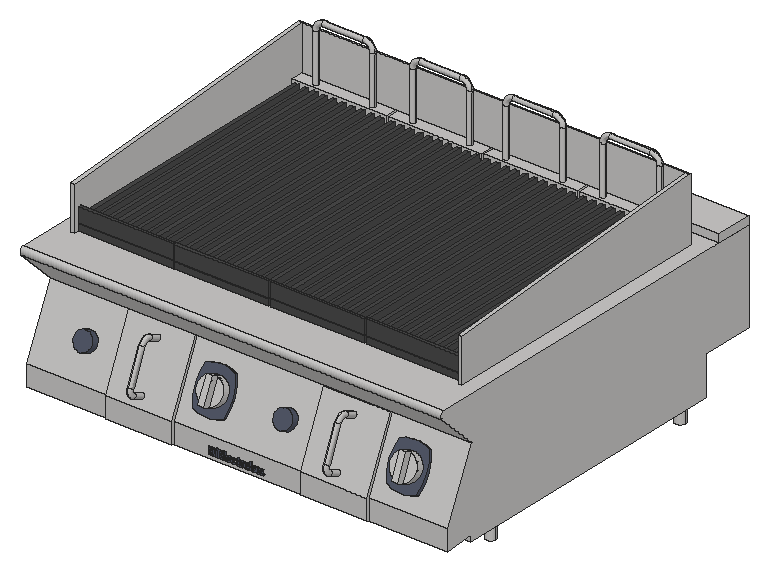
Revit family "QF_ELECTROLUXPROFESSIONAL_371244_E7GRTHGC0P", category Specialty Equipment, Revit 2018 (continued)
Automatic sketch dimensions
  Split face 3 sketch curve to Split face 3 sketch curve = 10.085 mm
  Split face 3 sketch curve to Split face 3 sketch curve = 5.244 mm
  Split face 4 sketch curve to Split face 4 sketch curve = 9.635 mm
  Split face 4 sketch curve to Split face 4 sketch curve = 17.821 mm
  Split face 4 sketch curve to Split face 4 sketch curve = 4.557 mm
  Split face 4 sketch curve to Split face 4 sketch curve = 14.42 mm
  Split face 4 sketch curve to Split face 4 sketch curve = 22.055 mm
  Split face 4 sketch curve to Split face 4 sketch curve = 3.318 mm
  plane 6 "TOP" to Sweep 29 sketch curve = 22.768 mm  (x2)
  plane 13 to Sweep 29 sketch curve = 20.32 mm  (x2)
  plane 13 to Sweep 29 sketch curve = 5.08 mm
  plane 7 "Center Y" to Sweep 29 sketch curve = 142.614 mm
  plane 7 "Center Y" to Sweep 29 sketch curve = 49.931 mm
  Sweep 29 sketch curve to profile plane = 0 mm
  profile plane to Sweep 29 sketch curve = 0 mm
  plane 3 "LEFT" to curve 62 = 36.625 mm
  plane 11 to curve 62 = 34.08 mm
  curve 62 to curve 62 = 180.112 mm
  plane 5 "FRONT" to curve 2 = 0 mm
  plane 5 "FRONT" to curve 38 = 0 mm
  plane 5 "FRONT" to curve 36 = 0 mm
  plane 5 "FRONT" to curve 23 = 0 mm
  plane 5 "FRONT" to curve 21 = 0 mm
  plane 4 "RIGHT" to curve 2 = 150.019 mm
  curve 47 to plane 4 "RIGHT" = 36.625 mm
  curve 64 to curve 47 = 0 mm
  curve 51 to plane 12 = 33.438 mm
  curve 51 to plane 4 "RIGHT" = 72.974 mm
  curve 38 to plane 4 "RIGHT" = 151.15 mm
  curve 52 to plane 12 = 24.294 mm
  curve 52 to curve 52 = 107.923 mm
  plane 11 to curve 64 = 34.08 mm
  curve 38 to curve 64 = 65.587 mm
  curve 47 to curve 64 = 0 mm
  curve 47 to curve 48 = 3.2 mm
  curve 64 to curve 65 = 3.2 mm
  curve 57 to plane 12 = 24.294 mm
  curve 52 to curve 57 = 76.54 mm
  curve 37 to curve 37 = 127 mm
  plane 7 "Center Y" to curve 55 = 34.691 mm
  plane 7 "Center Y" to curve 65 = 1.6 mm
  plane 7 "Center Y" to curve 48 = 1.6 mm
  curve 63 to plane 7 "Center Y" = 1.6 mm
  curve 49 to plane 7 "Center Y" = 1.6 mm
  curve 46 to plane 7 "Center Y" = 34.691 mm
  curve 23 to plane 7 "Center Y" = 121.9 mm
  curve 44 to plane 12 = 24.294 mm
  curve 44 to curve 44 = 107.923 mm
  plane 11 to curve 63 = 34.08 mm
  curve 23 to curve 63 = 58.212 mm
  curve 49 to curve 63 = 0 mm
  curve 49 to curve 50 = 3.2 mm
  curve 42 to plane 12 = 28.866 mm
  curve 45 to curve 42 = 76.54 mm
  curve 22 to curve 22 = 127 mm
  plane 3 "LEFT" to curve 41 = 72.974 mm
  plane 3 "LEFT" to curve 50 = 36.625 mm
  curve 1 to plane 3 "LEFT" = 150.019 mm
  curve 1 to plane 1 "BACK" = 150.019 mm
  curve 58 to curve 56 = 9.144 mm
  curve 46 to curve 46 = 9.144 mm
  curve 42 to curve 42 = 4.572 mm
  curve 65 to curve 64 = 0 mm
  curve 64 to curve 47 = 5 mm
  curve 48 to curve 47 = 0 mm
  curve 63 to curve 49 = 5 mm
  plane 11 to curve 50 = 39.08 mm
  curve 21 to curve 22 = 642.938 mm
  curve 22 to curve 36 = 0 mm
  plane 11 to Extrusion 2 sketch curve = 0 mm  (x2)
  plane 12 to Extrusion 2 sketch curve = 0 mm  (x2)
  plane 3 "LEFT" to Extrusion 2 sketch curve = 11.112 mm  (x2)
  Extrusion 2 sketch curve to plane 4 "RIGHT" = 11.113 mm  (x2)
  Extrusion 1 to Extrusion 3 sketch curve = 33.906 mm
  plane 5 "FRONT" to Extrusion 4 sketch curve = 0 mm  (x2)
  plane 1 "BACK" to Extrusion 4 sketch curve = 0 mm
  Extrusion 4 sketch curve to plane 3 "LEFT" = 0 mm
  Extrusion 4 sketch curve to plane 4 "RIGHT" = 0 mm
  Extrusion 4 sketch curve to plane 3 "LEFT" = 150.019 mm
  plane 4 "RIGHT" to Extrusion 4 sketch curve = 150.019 mm
  Extrusion 4 sketch curve to plane 1 "BACK" = 150.019 mm
  Extrusion 1 to Extrusion 5 sketch curve = 36.625 mm  (x2)
  Extrusion 1 to Extrusion 5 sketch curve = 130.285 mm  (x2)
  Extrusion 5 sketch curve to Extrusion 5 sketch curve = 0 mm  (x4)
  Extrusion 1 to Extrusion 5 sketch curve = 85.872 mm  (x2)
  Extrusion 5 sketch curve to Extrusion 5 sketch curve = 180.113 mm
  Extrusion 5 sketch curve to Extrusion 5 sketch curve = 3.2 mm  (x3)
  Extrusion 5 sketch curve to Extrusion 5 sketch curve = 178.512 mm  (x2)
  Extrusion 1 to Extrusion 6 sketch curve = 107.795 mm  (x2)
  Extrusion 1 to Extrusion 6 sketch curve = 36.625 mm  (x2)
  Extrusion 6 sketch curve to Extrusion 6 sketch curve = 0 mm  (x4)
  Extrusion 6 sketch curve to Extrusion 6 sketch curve = 22.49 mm  (x2)
  Extrusion 6 sketch curve to Extrusion 6 sketch curve = 180.112 mm
  Extrusion 6 sketch curve to Extrusion 6 sketch curve = 3.2 mm  (x3)
  Extrusion 6 sketch curve to Extrusion 6 sketch curve = 178.513 mm  (x2)
  plane 1 "BACK" to curve 61 = 0 mm
  curve 61 to plane 4 "RIGHT" = 0 mm
  curve 11 to plane 3 "LEFT" = 0 mm
  plane 5 "FRONT" to curve 3 = 0 mm
  plane 5 "FRONT" to curve 16 = 0 mm
  curve 14 to plane 4 "RIGHT" = 28.675 mm
  curve 14 to curve 15 = 6.35 mm
  curve 9 to curve 32 = 1.6 mm
  curve 4 to plane 4 "RIGHT" = 107.856 mm
  curve 33 to plane 12 = 39.843 mm
  curve 32 to curve 33 = 180.112 mm
  curve 32 to curve 31 = 3.2 mm
  plane 7 "Center Y" to curve 29 = 1.6 mm
  curve 26 to plane 7 "Center Y" = 1.6 mm
  plane 11 to curve 25 = 39.08 mm
  curve 27 to curve 25 = 178.513 mm
  curve 26 to curve 19 = 3.2 mm
  curve 19 to plane 12 = 17.353 mm
  plane 3 "LEFT" to curve 19 = 36.625 mm
  curve 17 to curve 7 = 1.6 mm
  curve 7 to curve 12 = 6.35 mm
  curve 4 to plane 3 "LEFT" = 150.019 mm
  curve 3 to plane 1 "BACK" = 150.019 mm
  curve 60 to curve 32 = 37.945 mm
  curve 11 to curve 60 = 0 mm
  curve 12 to curve 19 = 31.75 mm
  curve 9 to curve 32 = 2.91 mm
  curve 28 to curve 32 = 0 mm
  curve 27 to curve 28 = 0 mm
  curve 7 to curve 17 = 2.91 mm
  curve 30 to plane 12 = 17.353 mm
  curve 26 to curve 30 = 0 mm
  curve 34 to plane 12 = 17.353 mm
  plane 11 to curve 27 = 39.08 mm
  curve 27 to curve 29 = 0 mm
  curve 20 to curve 25 = 0 mm
  plane 11 to curve 18 = 39.08 mm
  plane 11 to curve 33 = 39.08 mm
  curve 31 to curve 33 = 0 mm
  plane 11 to curve 35 = 39.08 mm
  curve 18 to curve 8 = 7.92 mm
  curve 35 to curve 15 = 7.92 mm
  Extrusion 7 sketch curve to Extrusion 1 = 66.089 mm
  Extrusion 1 to Extrusion 7 sketch curve = 326.67 mm
  Extrusion 13 sketch curve to Extrusion 1 = 66.089 mm
  Extrusion 1 to Extrusion 13 sketch curve = 93.23 mm
  Extrusion 24 sketch curve to plane 4 "RIGHT" = 95.143 mm
  Extrusion 25 sketch curve to Extrusion 25 sketch curve = 24.732 mm
  Extrusion 25 sketch curve to Extrusion 25 sketch curve = 0 mm
  Extrusion 27 sketch curve to plane 4 "RIGHT" = 125.004 mm
  Extrusion 27 sketch curve to Extrusion 27 sketch curve = 0 mm
  Extrusion 27 sketch curve to Extrusion 27 sketch curve = 12.3 mm  (x3)
  Extrusion 27 sketch curve to Extrusion 27 sketch curve = 34.925 mm  (x2)
  Extrusion 27 sketch curve to Extrusion 27 sketch curve = 46.691 mm
  Extrusion 27 sketch curve to Extrusion 27 sketch curve = 0.617 mm
  Extrusion 27 sketch curve to Extrusion 27 sketch curve = 28.57 mm
  Extrusion 27 sketch curve to Extrusion 27 sketch curve = 29.185 mm
  plane 6 "TOP" to Sweep 28 sketch curve = 22.768 mm  (x2)
  plane 13 to Sweep 28 sketch curve = 20.32 mm  (x2)
  plane 13 to Sweep 28 sketch curve = 5.08 mm
  Sweep 28 sketch curve to plane 4 "RIGHT" = 73.124 mm
  Sweep 28 sketch curve to Sweep 28 sketch curve = 77.443 mm
  Sweep 28 sketch curve to profile plane = 0 mm
  profile plane to Sweep 28 sketch curve = 0 mm
  Extrusion 30 sketch curve to Extrusion 1 = 0 mm  (x3)
  Extrusion 1 to Extrusion 30 sketch curve = 69.85 mm
  radius of Sweep 9 sketch curve = 4.572 mm
  radius of Sweep 11 sketch curve = 4.572 mm
  radius of Sweep 12 sketch curve = 4.572 mm
  radius of Sweep 15 sketch curve = 4.572 mm
  radius of Extrusion 22 sketch curve = 25.4 mm
  radius of Extrusion 23 sketch curve to Extrusion 22 = 0 mm  (x2)
  radius of Sweep 29 sketch curve = 4.572 mm
  radius of Extrusion 2 sketch curve = 9.525 mm  (x4)
  radius of Extrusion 3 sketch curve = 6.35 mm
  radius of Extrusion 7 sketch curve = 17.8 mm
  radius of Extrusion 13 sketch curve = 17.8 mm
  radius of Extrusion 24 sketch curve = 25.4 mm
  radius of Extrusion 25 sketch curve to Extrusion 24 = 0 mm  (x2)
  radius of Sweep 28 sketch curve = 4.572 mm
Nested families
  nested 1: "371043_QF_Electrolux_GRILL" at (39.571, -130.285, 287.338), type "371043_QF_Electrolux_GRILL"
    with Type Mark "", Specification by User "", Revision Code "", Item Number "", Installed By "", Identify Quantity as Lot yes, Furnished By "", Foodservice Equipment Identifier yes
  nested 2: "371043_QF_Electrolux_GRILL" at (200.649, -130.285, 287.338), type "371043_QF_Electrolux_GRILL"
    with Type Mark "", Specification by User "", Revision Code "", Item Number "", Installed By "", Identify Quantity as Lot yes, Furnished By "", Foodservice Equipment Identifier yes
  nested 3: "371043_QF_Electrolux_GRILL" at (57.468, -130.285, 287.338), type "371043_QF_Electrolux_GRILL"
    with Type Mark "", Specification by User "", Revision Code "", Item Number "", Installed By "", Identify Quantity as Lot yes, Furnished By "", Foodservice Equipment Identifier yes
  nested 4: "371043_QF_Electrolux_GRILL" at (75.366, -130.285, 287.338), type "371043_QF_Electrolux_GRILL"
    with Type Mark "", Specification by User "", Revision Code "", Item Number "", Installed By "", Identify Quantity as Lot yes, Furnished By "", Foodservice Equipment Identifier yes
  nested 5: "371043_QF_Electrolux_GRILL" at (93.264, -130.285, 287.338), type "371043_QF_Electrolux_GRILL"
    with Type Mark "", Specification by User "", Revision Code "", Item Number "", Installed By "", Identify Quantity as Lot yes, Furnished By "", Foodservice Equipment Identifier yes
  nested 6: "371043_QF_Electrolux_GRILL" at (111.161, -130.285, 287.338), type "371043_QF_Electrolux_GRILL"
    with Type Mark "", Specification by User "", Revision Code "", Item Number "", Installed By "", Identify Quantity as Lot yes, Furnished By "", Foodservice Equipment Identifier yes
  nested 7: "371043_QF_Electrolux_GRILL" at (129.059, -130.285, 287.338), type "371043_QF_Electrolux_GRILL"
    with Type Mark "", Specification by User "", Revision Code "", Item Number "", Installed By "", Identify Quantity as Lot yes, Furnished By "", Foodservice Equipment Identifier yes
  nested 8: "371043_QF_Electrolux_GRILL" at (146.957, -130.285, 287.338), type "371043_QF_Electrolux_GRILL"
    with Type Mark "", Specification by User "", Revision Code "", Item Number "", Installed By "", Identify Quantity as Lot yes, Furnished By "", Foodservice Equipment Identifier yes
  nested 9: "371043_QF_Electrolux_GRILL" at (164.854, -130.285, 287.338), type "371043_QF_Electrolux_GRILL"
    with Type Mark "", Specification by User "", Revision Code "", Item Number "", Installed By "", Identify Quantity as Lot yes, Furnished By "", Foodservice Equipment Identifier yes
  nested 10: "371043_QF_Electrolux_GRILL" at (182.752, -130.285, 287.338), type "371043_QF_Electrolux_GRILL"
    with Type Mark "", Specification by User "", Revision Code "", Item Number "", Installed By "", Identify Quantity as Lot yes, Furnished By "", Foodservice Equipment Identifier yes
  nested 11: "371043_QF_Electrolux_GRILL" at (222.083, -130.285, 287.338), type "371043_QF_Electrolux_GRILL"
    with Type Mark "", Specification by User "", Revision Code "", Item Number "", Installed By "", Identify Quantity as Lot yes, Furnished By "", Foodservice Equipment Identifier yes
  nested 12: "371043_QF_Electrolux_GRILL" at (383.162, -130.285, 287.338), type "371043_QF_Electrolux_GRILL"
    with Type Mark "", Specification by User "", Revision Code "", Item Number "", Installed By "", Identify Quantity as Lot yes, Furnished By "", Foodservice Equipment Identifier yes
  nested 13: "371043_QF_Electrolux_GRILL" at (239.981, -130.285, 287.338), type "371043_QF_Electrolux_GRILL"
    with Type Mark "", Specification by User "", Revision Code "", Item Number "", Installed By "", Identify Quantity as Lot yes, Furnished By "", Foodservice Equipment Identifier yes
  nested 14: "371043_QF_Electrolux_GRILL" at (257.878, -130.285, 287.338), type "371043_QF_Electrolux_GRILL"
    with Type Mark "", Specification by User "", Revision Code "", Item Number "", Installed By "", Identify Quantity as Lot yes, Furnished By "", Foodservice Equipment Identifier yes
  nested 15: "371043_QF_Electrolux_GRILL" at (275.776, -130.285, 287.338), type "371043_QF_Electrolux_GRILL"
    with Type Mark "", Specification by User "", Revision Code "", Item Number "", Installed By "", Identify Quantity as Lot yes, Furnished By "", Foodservice Equipment Identifier yes
  nested 16: "371043_QF_Electrolux_GRILL" at (293.674, -130.285, 287.338), type "371043_QF_Electrolux_GRILL"
    with Type Mark "", Specification by User "", Revision Code "", Item Number "", Installed By "", Identify Quantity as Lot yes, Furnished By "", Foodservice Equipment Identifier yes
  nested 17: "371043_QF_Electrolux_GRILL" at (311.571, -130.285, 287.338), type "371043_QF_Electrolux_GRILL"
    with Type Mark "", Specification by User "", Revision Code "", Item Number "", Installed By "", Identify Quantity as Lot yes, Furnished By "", Foodservice Equipment Identifier yes
  nested 18: "371043_QF_Electrolux_GRILL" at (329.469, -130.285, 287.338), type "371043_QF_Electrolux_GRILL"
    with Type Mark "", Specification by User "", Revision Code "", Item Number "", Installed By "", Identify Quantity as Lot yes, Furnished By "", Foodservice Equipment Identifier yes
  nested 19: "371043_QF_Electrolux_GRILL" at (347.367, -130.285, 287.338), type "371043_QF_Electrolux_GRILL"
    with Type Mark "", Specification by User "", Revision Code "", Item Number "", Installed By "", Identify Quantity as Lot yes, Furnished By "", Foodservice Equipment Identifier yes
  nested 20: "371043_QF_Electrolux_GRILL" at (365.264, -130.285, 287.338), type "371043_QF_Electrolux_GRILL"
    with Type Mark "", Specification by User "", Revision Code "", Item Number "", Installed By "", Identify Quantity as Lot yes, Furnished By "", Foodservice Equipment Identifier yes
  nested 21: "371043_QF_Electrolux_GRILL" at (403.796, -130.285, 287.338), type "371043_QF_Electrolux_GRILL"
    with Type Mark "", Specification by User "", Revision Code "", Item Number "", Installed By "", Identify Quantity as Lot yes, Furnished By "", Foodservice Equipment Identifier yes
  nested 22: "371043_QF_Electrolux_GRILL" at (564.874, -130.285, 287.338), type "371043_QF_Electrolux_GRILL"
    with Type Mark "", Specification by User "", Revision Code "", Item Number "", Installed By "", Identify Quantity as Lot yes, Furnished By "", Foodservice Equipment Identifier yes
  nested 23: "371043_QF_Electrolux_GRILL" at (421.693, -130.285, 287.338), type "371043_QF_Electrolux_GRILL"
    with Type Mark "", Specification by User "", Revision Code "", Item Number "", Installed By "", Identify Quantity as Lot yes, Furnished By "", Foodservice Equipment Identifier yes
  nested 24: "371043_QF_Electrolux_GRILL" at (439.591, -130.285, 287.338), type "371043_QF_Electrolux_GRILL"
    with Type Mark "", Specification by User "", Revision Code "", Item Number "", Installed By "", Identify Quantity as Lot yes, Furnished By "", Foodservice Equipment Identifier yes
  nested 25: "371043_QF_Electrolux_GRILL" at (457.489, -130.285, 287.338), type "371043_QF_Electrolux_GRILL"
    with Type Mark "", Specification by User "", Revision Code "", Item Number "", Installed By "", Identify Quantity as Lot yes, Furnished By "", Foodservice Equipment Identifier yes
  nested 26: "371043_QF_Electrolux_GRILL" at (475.386, -130.285, 287.338), type "371043_QF_Electrolux_GRILL"
    with Type Mark "", Specification by User "", Revision Code "", Item Number "", Installed By "", Identify Quantity as Lot yes, Furnished By "", Foodservice Equipment Identifier yes
  nested 27: "371043_QF_Electrolux_GRILL" at (493.284, -130.285, 287.338), type "371043_QF_Electrolux_GRILL"
    with Type Mark "", Specification by User "", Revision Code "", Item Number "", Installed By "", Identify Quantity as Lot yes, Furnished By "", Foodservice Equipment Identifier yes
  nested 28: "371043_QF_Electrolux_GRILL" at (511.182, -130.285, 287.338), type "371043_QF_Electrolux_GRILL"
    with Type Mark "", Specification by User "", Revision Code "", Item Number "", Installed By "", Identify Quantity as Lot yes, Furnished By "", Foodservice Equipment Identifier yes
  nested 29: "371043_QF_Electrolux_GRILL" at (529.079, -130.285, 287.338), type "371043_QF_Electrolux_GRILL"
    with Type Mark "", Specification by User "", Revision Code "", Item Number "", Installed By "", Identify Quantity as Lot yes, Furnished By "", Foodservice Equipment Identifier yes
  nested 30: "371043_QF_Electrolux_GRILL" at (546.977, -130.285, 287.338), type "371043_QF_Electrolux_GRILL"
    with Type Mark "", Specification by User "", Revision Code "", Item Number "", Installed By "", Identify Quantity as Lot yes, Furnished By "", Foodservice Equipment Identifier yes
  nested 31: "371043_QF_Electrolux_GRILL" at (586.308, -130.285, 287.338), type "371043_QF_Electrolux_GRILL"
    with Type Mark "", Specification by User "", Revision Code "", Item Number "", Installed By "", Identify Quantity as Lot yes, Furnished By "", Foodservice Equipment Identifier yes
  nested 32: "371043_QF_Electrolux_GRILL" at (747.387, -130.285, 287.338), type "371043_QF_Electrolux_GRILL"
    with Type Mark "", Specification by User "", Revision Code "", Item Number "", Installed By "", Identify Quantity as Lot yes, Furnished By "", Foodservice Equipment Identifier yes
  nested 33: "371043_QF_Electrolux_GRILL" at (604.206, -130.285, 287.338), type "371043_QF_Electrolux_GRILL"
    with Type Mark "", Specification by User "", Revision Code "", Item Number "", Installed By "", Identify Quantity as Lot yes, Furnished By "", Foodservice Equipment Identifier yes
  nested 34: "371043_QF_Electrolux_GRILL" at (622.103, -130.285, 287.338), type "371043_QF_Electrolux_GRILL"
    with Type Mark "", Specification by User "", Revision Code "", Item Number "", Installed By "", Identify Quantity as Lot yes, Furnished By "", Foodservice Equipment Identifier yes
  nested 35: "371043_QF_Electrolux_GRILL" at (640.001, -130.285, 287.338), type "371043_QF_Electrolux_GRILL"
    with Type Mark "", Specification by User "", Revision Code "", Item Number "", Installed By "", Identify Quantity as Lot yes, Furnished By "", Foodservice Equipment Identifier yes
  nested 36: "371043_QF_Electrolux_GRILL" at (657.899, -130.285, 287.338), type "371043_QF_Electrolux_GRILL"
    with Type Mark "", Specification by User "", Revision Code "", Item Number "", Installed By "", Identify Quantity as Lot yes, Furnished By "", Foodservice Equipment Identifier yes
  nested 37: "371043_QF_Electrolux_GRILL" at (675.796, -130.285, 287.338), type "371043_QF_Electrolux_GRILL"
    with Type Mark "", Specification by User "", Revision Code "", Item Number "", Installed By "", Identify Quantity as Lot yes, Furnished By "", Foodservice Equipment Identifier yes
  nested 38: "371043_QF_Electrolux_GRILL" at (693.694, -130.285, 287.338), type "371043_QF_Electrolux_GRILL"
    with Type Mark "", Specification by User "", Revision Code "", Item Number "", Installed By "", Identify Quantity as Lot yes, Furnished By "", Foodservice Equipment Identifier yes
  nested 39: "371043_QF_Electrolux_GRILL" at (711.592, -130.285, 287.338), type "371043_QF_Electrolux_GRILL"
    with Type Mark "", Specification by User "", Revision Code "", Item Number "", Installed By "", Identify Quantity as Lot yes, Furnished By "", Foodservice Equipment Identifier yes
  nested 40: "371043_QF_Electrolux_GRILL" at (729.489, -130.285, 287.338), type "371043_QF_Electrolux_GRILL"
    with Type Mark "", Specification by User "", Revision Code "", Item Number "", Installed By "", Identify Quantity as Lot yes, Furnished By "", Foodservice Equipment Identifier yes
Connectors
  piping at (747.712, -98.425, 57.718), diameter 12.7, driven by "Gas Size"
    settings: on Extrusion 3, index 2, connector inside diameter 1/2", connector length 0 mm, flow factor 0, pipe flow 0 GPM, pressure drop 0.00 psi, fitting loss kfactor 0, connector angle 0.00°, fixture units 0, engagement length 0 mm, angle of deflection 0.00°, flow configuration 1, flow direction 1, fitting loss method 0, system type 7, joint type 0, gender type 0, connector reference index -1, connector utility 0, adjustable connector no, is connector primary yes, connector description "Gas Connection"
Definition of nested family "371043_QF_Electrolux_GRILL"
  Parameters
    Weight in Pounds = 0
    URL Cutsheet = ""
    URL = ""
    Type Mark [instance] = ""
    Specification by User [instance] = ""
    Specification by Manufacturer = ""
    Serial Number = ""
    Seismic Rating = ""
    SMACNA No = ""
    Revision Code [instance] = ""
    Omniclass Number and Title = ""
    NAFEM Spec ID Number = ""
    Model = ""
    Masterspec = ""
    Manufacturer = ""
    Item Number [instance] = ""
    Installed By [instance] = ""
    Identify Quantity as Lot [instance] = yes
    Furnished By [instance] = ""
    Foodservice Equipment Identifier [instance] = yes
    Description = ""
    CSI MasterFormat = ""
    CSI Master Format = ""
    Assembly Code = ""
  Reference planes
    plane 1 "BACK": y = 0
    plane 2: z = 0
    plane 3 "LEFT": x = 0
    plane 4 "RIGHT": x = 12.7
    plane 5 "FRONT": y = -501.68
    plane 6 "TOP": z = 19.576
    plane 7 "Center Y": x = 6.35
    plane 8 "Center X": y = -250.84
    plane 9: y = -147.637
  Forms (mm)
    Extrusion 1, solid
      sketch origin (-1.421, -501.68, -12.7) x (1, 0, 0) y (0, 0, 1)
        loop
          line (1.421, 12.7) -> (14.121, 12.7) -> (11.081, 32.276) -> (4.46, 32.276) -> (1.421, 12.7)
      from 0 to -501.68
  Lines and regions (mm)
    symbolic lines
      curve 1: line (0, 0, 0) -> (12.7, 0, 0)
      curve 2: line (0, -501.68, 0) -> (0, 0, 0)
      curve 3: line (12.7, -501.68, 0) -> (0, -501.68, 0)
      curve 4: line (12.7, 0, 0) -> (12.7, -501.68, 0)
  Dimensions and locks
    equal spacing: plane 3 "LEFT", plane 7 "Center Y", plane 4 "RIGHT"
    plane 3 "LEFT" to plane 4 "RIGHT" = 12.7 mm
    equal spacing: plane 5 "FRONT", plane 8 "Center X", plane 1 "BACK"
    plane 5 "FRONT" to plane 1 "BACK" = 501.68 mm
    plane 6 "TOP" to level = 19.576 mm
    plane 1 "BACK" to plane 5 "FRONT" = 501.68 mm
    aligned and locked: level to plane 2
  Automatic sketch dimensions
    Extrusion 1 sketch curve to level = 0 mm
    Extrusion 1 sketch curve to plane 3 "LEFT" = 0 mm
    Extrusion 1 sketch curve to plane 6 "TOP" = 0 mm
    Extrusion 1 sketch curve to plane 4 "RIGHT" = 0 mm
    plane 3 "LEFT" to Extrusion 1 sketch curve = 3.039 mm
    Extrusion 1 sketch curve to plane 4 "RIGHT" = 3.039 mm
    curve 3 to plane 3 "LEFT" = 0 mm
    curve 3 to plane 4 "RIGHT" = 0 mm
    plane 5 "FRONT" to curve 3 = 0 mm
    plane 1 "BACK" to curve 2 = 0 mm
